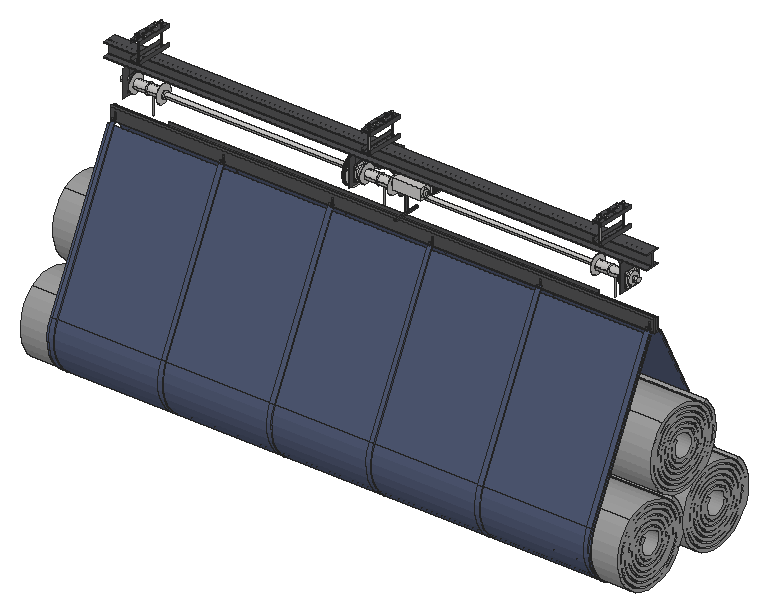
Revit family "Wrestling_Mat_Storage-PSS-4091", category Specialty Equipment, Revit 2017 (continued)
Definition of nested family "Wrestling_Mat_Storage-Hoist-PSS"
  Forms (in)
    Extrusion 16, solid, detail levels medium+fine
      from -6 to 6
    Extrusion 17, solid, detail levels medium+fine
      sketch origin (4.8125, 0, -284.25) x (0, 1, 0) y (0, 0, 1)
        loop
          circle (0, 284.25) r 1
        loop
          circle (0, 284.25) r 1.5
      from 1.375 to 2.375
    Extrusion 18, solid, detail levels medium+fine
      sketch origin (-4.8125, 0, -284.25) x (0, 1, 0) y (0, 0, -1)
        loop
          circle (0, -284.25) r 1
        loop
          circle (0, -284.25) r 1.5
      from 1.375 to 2.375
    Extrusion 19, solid, material <- "Superstructure Finish", detail levels medium+fine
      sketch origin (-2.4375, 0, -6.375) x (0, 1, 0) y (0, 0, -1)
        loop
          line (5, -13.625) -> (5, -1.625) -> (-5, -1.625) -> (-5, -13.625) -> (5, -13.625)
        loop
          circle (2.5625, -8.9375) r 0.25
        loop
          circle (-2.5625, -8.9375) r 0.25
        loop
          circle (2.5625, -3.8125) r 0.25
        loop
          circle (-2.5625, -3.8125) r 0.25
        loop
          circle (0, -6.375) r 1
      from 7.1875 to 7.5625
    Extrusion 20, solid, material <- "Superstructure Finish", detail levels medium+fine
      sketch origin (-1.9375, 1.90625, 0) x (1, 0, 0) y (0, 0, -1)
        loop
          line (-7.6875, -7.25) -> (-3.6875, -7.25) -> (-7.6875, -3.25) -> (-7.6875, -7.25)
      from 0 to 0.25
    Extrusion 21, solid, material <- "Superstructure Finish", detail levels medium+fine
      sketch origin (-1.9375, -1.90625, 0) x (1, 0, 0) y (0, 0, 1)
        loop
          line (-7.6875, 7.25) -> (-7.6875, 3.25) -> (-3.6875, 7.25) -> (-7.6875, 7.25)
      from 0 to 0.25
    Extrusion 22, solid, detail levels medium+fine
      sketch origin (-17.6875, 0, 0) x (0, 1, 0) y (0, 0, -1)
        loop
          arc (2.5625, -3.1875) -> (3.00444, -3.00444) -> (3.1875, -2.5625) r 0.625
          line (3.1875, -2.5625) -> (3.1875, 2.5625)
          arc (3.1875, 2.5625) -> (3.00444, 3.00444) -> (2.5625, 3.1875) r 0.625
          line (2.5625, 3.1875) -> (-2.5625, 3.1875)
          arc (-2.5625, 3.1875) -> (-3.00444, 3.00444) -> (-3.1875, 2.5625) r 0.625
          line (-3.1875, 2.5625) -> (-3.1875, -2.5625)
          arc (-3.1875, -2.5625) -> (-3.00444, -3.00444) -> (-2.5625, -3.1875) r 0.625
          line (-2.5625, -3.1875) -> (2.5625, -3.1875)
        loop
          circle (0, 0) r 1
        loop
          circle (2.5625, -2.5625) r 0.25
        loop
          circle (-2.5625, -2.5625) r 0.25
        loop
          circle (-2.5625, 2.5625) r 0.25
        loop
          circle (2.5625, 2.5625) r 0.25
      from -8.6875 to -8.0625
    Extrusion 23, solid, detail levels medium+fine
      sketch origin (-17.6875, 0, 0) x (0, 1, 0) y (0, 0, -1)
        loop
          arc (2.24472, -1.36083) -> (1.85616, -1.85616) -> (1.36083, -2.24472) r 2.625
          line (1.36083, -2.24472) -> (2.12056, -3.00444)
          arc (2.12056, -3.00444) -> (3.00444, -3.00444) -> (3.00444, -2.12056) r 0.625
          line (3.00444, -2.12056) -> (2.24472, -1.36083)
        loop
          circle (2.5625, -2.5625) r 0.25
        loop
          line (-2.24472, -1.36083) -> (-3.00444, -2.12056)
          arc (-3.00444, -2.12056) -> (-3.00444, -3.00444) -> (-2.12056, -3.00444) r 0.625
          line (-2.12056, -3.00444) -> (-1.36083, -2.24472)
          arc (-1.36083, -2.24472) -> (-1.85616, -1.85616) -> (-2.24472, -1.36083) r 2.625
        loop
          circle (-2.5625, -2.5625) r 0.25
        loop
          line (2.24472, 1.36083) -> (3.00444, 2.12056)
          arc (3.00444, 2.12056) -> (3.00444, 3.00444) -> (2.12056, 3.00444) r 0.625
          line (2.12056, 3.00444) -> (1.36083, 2.24472)
          arc (1.36083, 2.24472) -> (1.85616, 1.85616) -> (2.24472, 1.36083) r 2.625
        loop
          circle (2.5625, 2.5625) r 0.25
        loop
          arc (-2.24472, 1.36083) -> (-1.85616, 1.85616) -> (-1.36083, 2.24472) r 2.625
          line (-1.36083, 2.24472) -> (-2.12056, 3.00444)
          arc (-2.12056, 3.00444) -> (-3.00444, 3.00444) -> (-3.00444, 2.12056) r 0.625
          line (-3.00444, 2.12056) -> (-2.24472, 1.36083)
        loop
          circle (-2.5625, 2.5625) r 0.25
      from -8.875 to -8.6875
    Extrusion 24, solid, detail levels medium+fine
      sketch origin (-17.6875, 0, 0) x (0, 1, 0) y (0, 0, -1)
        loop
          circle (0, 0) r 2.625
        loop
          circle (0, 0) r 1.25
      from -9.8125 to -8.6875
    Extrusion 25, solid, detail levels medium+fine
      sketch origin (-17.6875, 0, 0) x (0, 1, 0) y (0, 0, -1)
        loop
          circle (0, 0) r 1
        loop
          circle (0, 0) r 1.25
      from -10.375 to -8.0625
    Extrusion 26, solid, detail levels fine
      sketch origin (-17.6875, 0, 0) x (0, 1, 0) y (0, 0, -1)
        loop
          line (2.76096, -2.21875) -> (2.36404, -2.21875) -> (2.16557, -2.5625) -> (2.36404, -2.90625) -> (2.76096, -2.90625) -> (2.95943, -2.5625) -> (2.76096, -2.21875)
        loop
          line (-2.76096, -2.21875) -> (-2.95943, -2.5625) -> (-2.76096, -2.90625) -> (-2.36404, -2.90625) -> (-2.16557, -2.5625) -> (-2.36404, -2.21875) -> (-2.76096, -2.21875)
        loop
          line (2.76096, 2.21875) -> (2.95943, 2.5625) -> (2.76096, 2.90625) -> (2.36404, 2.90625) -> (2.16557, 2.5625) -> (2.36404, 2.21875) -> (2.76096, 2.21875)
        loop
          line (-2.76096, 2.21875) -> (-2.36404, 2.21875) -> (-2.16557, 2.5625) -> (-2.36404, 2.90625) -> (-2.76096, 2.90625) -> (-2.95943, 2.5625) -> (-2.76096, 2.21875)
      from -9.3125 to -8.875
    Extrusion 27, solid, detail levels fine
      sketch origin (-1.125, 0, 0) x (0, 1, 0) y (0, 0, 1)
        loop
          line (2.76096, 2.21875) -> (2.95943, 2.5625) -> (2.76096, 2.90625) -> (2.36404, 2.90625) -> (2.16557, 2.5625) -> (2.36404, 2.21875) -> (2.76096, 2.21875)
        loop
          line (-2.76096, 2.21875) -> (-2.36404, 2.21875) -> (-2.16557, 2.5625) -> (-2.36404, 2.90625) -> (-2.76096, 2.90625) -> (-2.95943, 2.5625) -> (-2.76096, 2.21875)
        loop
          line (2.76096, -2.21875) -> (2.36404, -2.21875) -> (2.16557, -2.5625) -> (2.36404, -2.90625) -> (2.76096, -2.90625) -> (2.95943, -2.5625) -> (2.76096, -2.21875)
        loop
          line (-2.76096, -2.21875) -> (-2.95943, -2.5625) -> (-2.76096, -2.90625) -> (-2.36404, -2.90625) -> (-2.16557, -2.5625) -> (-2.36404, -2.21875) -> (-2.76096, -2.21875)
      from -9.3125 to -8.875
    Extrusion 28, solid, detail levels medium+fine
      sketch origin (-0.375, 0, 0) x (0, 1, 0) y (0, 0, 1)
        loop
          arc (6.18466, 0.1875) -> (6.1811, 0.28135) -> (6.17612, 0.37514) r 6.1875
          line (6.17612, 0.37514) -> (5.73397, 0.42902)
          arc (5.73397, 0.42902) -> (5.72622, 0.52237) -> (5.71695, 0.61559) r 5.75
          line (5.71695, 0.61559) -> (6.14205, 0.74858)
          arc (6.14205, 0.74858) -> (6.12998, 0.84172) -> (6.1165, 0.93467) r 6.1875
          line (6.1165, 0.93467) -> (5.67129, 0.94816)
          arc (5.67129, 0.94816) -> (5.65509, 1.04042) -> (5.63739, 1.13241) r 5.75
          line (5.63739, 1.13241) -> (6.04864, 1.30348)
          arc (6.04864, 1.30348) -> (6.02816, 1.39513) -> (6.00629, 1.48647) r 6.1875
          line (6.00629, 1.48647) -> (5.5617, 1.45946)
          arc (5.5617, 1.45946) -> (5.53718, 1.54987) -> (5.5112, 1.63987) r 5.75
          line (5.5112, 1.63987) -> (5.90521, 1.84759)
          arc (5.90521, 1.84759) -> (5.87649, 1.93701) -> (5.84641, 2.02598) r 6.1875
          line (5.84641, 2.02598) -> (5.40611, 1.95869)
          arc (5.40611, 1.95869) -> (5.37348, 2.0465) -> (5.33943, 2.13377) r 5.75
          line (5.33943, 2.13377) -> (5.71295, 2.37642)
          arc (5.71295, 2.37642) -> (5.67622, 2.46286) -> (5.63818, 2.54873) r 6.1875
          line (5.63818, 2.54873) -> (5.20581, 2.44172)
          arc (5.20581, 2.44172) -> (5.16534, 2.52621) -> (5.12351, 2.61002) r 5.75
          line (5.12351, 2.61002) -> (5.47343, 2.8856)
          arc (5.47343, 2.8856) -> (5.429, 2.96835) -> (5.38332, 3.05041) r 6.1875
          line (5.38332, 3.05041) -> (4.96246, 2.90456)
          arc (4.96246, 2.90456) -> (4.91449, 2.98502) -> (4.86521, 3.06468) r 5.75
          line (4.86521, 3.06468) -> (5.18865, 3.37092)
          arc (5.18865, 3.37092) -> (5.13689, 3.44928) -> (5.08394, 3.52685) r 6.1875
          line (5.08394, 3.52685) -> (4.67807, 3.34338)
          arc (4.67807, 3.34338) -> (4.62298, 3.41914) -> (4.56667, 3.494) r 5.75
          line (4.56667, 3.494) -> (4.86095, 3.82835)
          arc (4.86095, 3.82835) -> (4.80229, 3.90169) -> (4.74251, 3.97413) r 6.1875
          line (4.74251, 3.97413) -> (4.35499, 3.75454)
          arc (4.35499, 3.75454) -> (4.29325, 3.82499) -> (4.23037, 3.89442) r 5.75
          line (4.23037, 3.89442) -> (4.49306, 4.25413)
          arc (4.49306, 4.25413) -> (4.42797, 4.32183) -> (4.36186, 4.38854) r 6.1875
          line (4.36186, 4.38854) -> (3.99589, 4.13466)
          arc (3.99589, 4.13466) -> (3.928, 4.1992) -> (3.85908, 4.26263) r 5.75
          line (3.85908, 4.26263) -> (4.088, 4.64472)
          arc (4.088, 4.64472) -> (4.01703, 4.70623) -> (3.94514, 4.76666) r 6.1875
          line (3.94514, 4.76666) -> (3.60374, 4.48057)
          arc (3.60374, 4.48057) -> (3.53027, 4.53869) -> (3.45587, 4.59559) r 5.75
          line (3.45587, 4.59559) -> (3.64914, 4.99689)
          arc (3.64914, 4.99689) -> (3.57287, 5.05171) -> (3.49579, 5.10535) r 6.1875
          line (3.49579, 5.10535) -> (3.18179, 4.78944)
          arc (3.18179, 4.78944) -> (3.10335, 4.84063) -> (3.02408, 4.89055) r 5.75
          line (3.02408, 4.89055) -> (3.18009, 5.30775)
          arc (3.18009, 5.30775) -> (3.09916, 5.3554) -> (3.01752, 5.40183) r 6.1875
          line (3.01752, 5.40183) -> (2.73353, 5.05869)
          arc (2.73353, 5.05869) -> (2.65076, 5.10255) -> (2.56728, 5.14505) r 5.75
          line (2.56728, 5.14505) -> (2.68475, 5.5747)
          arc (2.68475, 5.5747) -> (2.59982, 5.61481) -> (2.5143, 5.65362) r 6.1875
          line (2.5143, 5.65362) -> (2.26266, 5.2861)
          arc (2.26266, 5.2861) -> (2.17624, 5.32226) -> (2.08925, 5.35701) r 5.75
          line (2.08925, 5.35701) -> (2.1672, 5.79555)
          arc (2.1672, 5.79555) -> (2.07898, 5.82778) -> (1.99029, 5.85866) r 6.1875
          line (1.99029, 5.85866) -> (1.77307, 5.4698)
          arc (1.77307, 5.4698) -> (1.68373, 5.49796) -> (1.59394, 5.52466) r 5.75
          line (1.59394, 5.52466) -> (1.63173, 5.96847)
          arc (1.63173, 5.96847) -> (1.54095, 5.99255) -> (1.44981, 6.01525) r 6.1875
          line (1.44981, 6.01525) -> (1.26882, 5.60826)
          arc (1.26882, 5.60826) -> (1.17729, 5.62819) -> (1.08545, 5.64662) r 5.75
          line (1.08545, 5.64662) -> (1.08276, 6.09203)
          arc (1.08276, 6.09203) -> (0.99017, 6.10776) -> (0.89735, 6.12208) r 6.1875
          line (0.89735, 6.12208) -> (0.75408, 5.70034)
          arc (0.75408, 5.70034) -> (0.66112, 5.71187) -> (0.56798, 5.72188) r 5.75
          line (0.56798, 5.72188) -> (0.52484, 6.1652)
          arc (0.52484, 6.1652) -> (0.4312, 6.17246) -> (0.33746, 6.17829) r 6.1875
          line (0.33746, 6.17829) -> (0.2331, 5.74527)
          arc (0.2331, 5.74527) -> (0.13948, 5.74831) -> (0.04582, 5.74982) r 5.75
          line (0.04582, 5.74982) -> (-0.03742, 6.18739)
          arc (-0.03742, 6.18739) -> (-0.13133, 6.18611) -> (-0.22521, 6.1834) r 6.1875
          line (-0.22521, 6.1834) -> (-0.28981, 5.74269)
          arc (-0.28981, 5.74269) -> (-0.38332, 5.73721) -> (-0.47673, 5.7302) r 5.75
          line (-0.47673, 5.7302) -> (-0.59938, 6.1584)
          arc (-0.59938, 6.1584) -> (-0.69278, 6.14859) -> (-0.78603, 6.13737) r 6.1875
          line (-0.78603, 6.13737) -> (-0.81032, 5.69262)
          arc (-0.81032, 5.69262) -> (-0.90294, 5.67866) -> (-0.99533, 5.6632) r 5.75
          line (-0.99533, 5.6632) -> (-1.15637, 6.07848)
          arc (-1.15637, 6.07848) -> (-1.2485, 6.06023) -> (-1.34034, 6.04058) r 6.1875
          line (-1.34034, 6.04058) -> (-1.32412, 5.59546)
          arc (-1.32412, 5.59546) -> (-1.4151, 5.57315) -> (-1.5057, 5.54936) r 5.75
          line (-1.5057, 5.54936) -> (-1.70381, 5.94829)
          arc (-1.70381, 5.94829) -> (-1.79389, 5.92175) -> (-1.88357, 5.89384) r 6.1875
          line (-1.88357, 5.89384) -> (-1.82698, 5.45203)
          arc (-1.82698, 5.45203) -> (-1.91556, 5.42154) -> (-2.00362, 5.38962) r 5.75
          line (-2.00362, 5.38962) -> (-2.23715, 5.76891)
          arc (-2.23715, 5.76891) -> (-2.32445, 5.73429) -> (-2.41122, 5.69835) r 6.1875
          line (-2.41122, 5.69835) -> (-2.31473, 5.26351)
          arc (-2.31473, 5.26351) -> (-2.40017, 5.2251) -> (-2.48497, 5.18531) r 5.75
          line (-2.48497, 5.18531) -> (-2.75199, 5.54182)
          arc (-2.75199, 5.54182) -> (-2.83578, 5.49941) -> (-2.91893, 5.45573) r 6.1875
          line (-2.91893, 5.45573) -> (-2.78333, 5.03146)
          arc (-2.78333, 5.03146) -> (-2.86493, 4.98545) -> (-2.94576, 4.93811) r 5.75
          line (-2.94576, 4.93811) -> (-3.24407, 5.26889)
          arc (-3.24407, 5.26889) -> (-3.32366, 5.21904) -> (-3.4025, 5.168) r 6.1875
          line (-3.4025, 5.168) -> (-3.22892, 4.75779)
          arc (-3.22892, 4.75779) -> (-3.306, 4.70456) -> (-3.3822, 4.65008) r 5.75
          line (-3.3822, 4.65008) -> (-3.70932, 4.95239)
          arc (-3.70932, 4.95239) -> (-3.78406, 4.89552) -> (-3.85793, 4.83752) r 6.1875
          line (-3.85793, 4.83752) -> (-3.6478, 4.44478)
          arc (-3.6478, 4.44478) -> (-3.71972, 4.38477) -> (-3.79066, 4.32359) r 5.75
          line (-3.79066, 4.32359) -> (-4.14389, 4.59493)
          arc (-4.14389, 4.59493) -> (-4.21315, 4.5315) -> (-4.28145, 4.46703) r 6.1875
          line (-4.28145, 4.46703) -> (-4.03651, 4.09501)
          arc (-4.03651, 4.09501) -> (-4.10268, 4.02871) -> (-4.16777, 3.96134) r 5.75
          line (-4.16777, 3.96134) -> (-4.54419, 4.19946)
          arc (-4.54419, 4.19946) -> (-4.60741, 4.13001) -> (-4.66956, 4.0596) r 6.1875
          line (-4.66956, 4.0596) -> (-4.39184, 3.71137)
          arc (-4.39184, 3.71137) -> (-4.45172, 3.63933) -> (-4.51041, 3.56633) r 5.75
          line (-4.51041, 3.56633) -> (-4.90691, 3.76927)
          arc (-4.90691, 3.76927) -> (-4.96355, 3.69436) -> (-5.01906, 3.6186) r 6.1875
          line (-5.01906, 3.6186) -> (-4.71085, 3.29703)
          arc (-4.71085, 3.29703) -> (-4.76393, 3.21985) -> (-4.81575, 3.14182) r 5.75
          line (-4.81575, 3.14182) -> (-5.22905, 3.30791)
          arc (-5.22905, 3.30791) -> (-5.27865, 3.22816) -> (-5.32704, 3.14767) r 6.1875
          line (-5.32704, 3.14767) -> (-4.99089, 2.85543)
          arc (-4.99089, 2.85543) -> (-5.03675, 2.77375) -> (-5.08126, 2.69133) r 5.75
          line (-5.08126, 2.69133) -> (-5.50794, 2.81918)
          arc (-5.50794, 2.81918) -> (-5.55009, 2.73526) -> (-5.59097, 2.6507) r 6.1875
          line (-5.59097, 2.6507) -> (-5.22966, 2.39021)
          arc (-5.22966, 2.39021) -> (-5.26791, 2.3047) -> (-5.30475, 2.21858) r 5.75
          line (-5.30475, 2.21858) -> (-5.74128, 2.30714)
          arc (-5.74128, 2.30714) -> (-5.77563, 2.21973) -> (-5.80866, 2.13182) r 6.1875
          line (-5.80866, 2.13182) -> (-5.42518, 1.90523)
          arc (-5.42518, 1.90523) -> (-5.4555, 1.8166) -> (-5.48437, 1.72748) r 5.75
          line (-5.48437, 1.72748) -> (-5.92713, 1.77602)
          arc (-5.92713, 1.77602) -> (-5.95341, 1.68585) -> (-5.97831, 1.5953) r 6.1875
          line (-5.97831, 1.5953) -> (-5.57583, 1.40449)
          arc (-5.57583, 1.40449) -> (-5.59797, 1.31347) -> (-5.61863, 1.2221) r 5.75
          line (-5.61863, 1.2221) -> (-6.06397, 1.23021)
          arc (-6.06397, 1.23021) -> (-6.08194, 1.13803) -> (-6.09852, 1.04559) r 6.1875
          line (-6.09852, 1.04559) -> (-5.68037, 0.89213)
          arc (-5.68037, 0.89213) -> (-5.69415, 0.79948) -> (-5.70642, 0.70661) r 5.75
          line (-5.70642, 0.70661) -> (-6.15066, 0.67423)
          arc (-6.15066, 0.67423) -> (-6.16018, 0.5808) -> (-6.16829, 0.48723) r 6.1875
          line (-6.16829, 0.48723) -> (-5.73793, 0.37239)
          arc (-5.73793, 0.37239) -> (-5.74323, 0.27887) -> (-5.74701, 0.18527) r 5.75
          line (-5.74701, 0.18527) -> (-6.18647, 0.11267)
          arc (-6.18647, 0.11267) -> (-6.1875, 0) -> (-6.18647, -0.11267) r 6.1875
          line (-6.18647, -0.11267) -> (-5.74701, -0.18527)
          arc (-5.74701, -0.18527) -> (-5.74323, -0.27887) -> (-5.73793, -0.37239) r 5.75
          line (-5.73793, -0.37239) -> (-6.16829, -0.48723)
          arc (-6.16829, -0.48723) -> (-6.16018, -0.5808) -> (-6.15066, -0.67423) r 6.1875
          line (-6.15066, -0.67423) -> (-5.70642, -0.70661)
          arc (-5.70642, -0.70661) -> (-5.69415, -0.79948) -> (-5.68037, -0.89213) r 5.75
          line (-5.68037, -0.89213) -> (-6.09852, -1.04559)
          arc (-6.09852, -1.04559) -> (-6.08194, -1.13803) -> (-6.06397, -1.23021) r 6.1875
          line (-6.06397, -1.23021) -> (-5.61863, -1.2221)
          arc (-5.61863, -1.2221) -> (-5.59797, -1.31347) -> (-5.57583, -1.40449) r 5.75
          line (-5.57583, -1.40449) -> (-5.97831, -1.5953)
          arc (-5.97831, -1.5953) -> (-5.95341, -1.68585) -> (-5.92713, -1.77602) r 6.1875
          line (-5.92713, -1.77602) -> (-5.48437, -1.72748)
          arc (-5.48437, -1.72748) -> (-5.4555, -1.8166) -> (-5.42518, -1.90523) r 5.75
          line (-5.42518, -1.90523) -> (-5.80866, -2.13182)
          arc (-5.80866, -2.13182) -> (-5.77563, -2.21973) -> (-5.74128, -2.30714) r 6.1875
          line (-5.74128, -2.30714) -> (-5.30475, -2.21858)
          arc (-5.30475, -2.21858) -> (-5.26791, -2.3047) -> (-5.22966, -2.39021) r 5.75
          line (-5.22966, -2.39021) -> (-5.59097, -2.6507)
          arc (-5.59097, -2.6507) -> (-5.55009, -2.73526) -> (-5.50794, -2.81918) r 6.1875
          line (-5.50794, -2.81918) -> (-5.08126, -2.69133)
          arc (-5.08126, -2.69133) -> (-5.03675, -2.77375) -> (-4.99089, -2.85543) r 5.75
          line (-4.99089, -2.85543) -> (-5.32704, -3.14767)
          arc (-5.32704, -3.14767) -> (-5.27865, -3.22816) -> (-5.22905, -3.30791) r 6.1875
          line (-5.22905, -3.30791) -> (-4.81575, -3.14182)
          arc (-4.81575, -3.14182) -> (-4.76393, -3.21985) -> (-4.71085, -3.29703) r 5.75
          line (-4.71085, -3.29703) -> (-5.01906, -3.6186)
          arc (-5.01906, -3.6186) -> (-4.96355, -3.69436) -> (-4.90691, -3.76927) r 6.1875
          line (-4.90691, -3.76927) -> (-4.51041, -3.56633)
          arc (-4.51041, -3.56633) -> (-4.45172, -3.63933) -> (-4.39184, -3.71137) r 5.75
          line (-4.39184, -3.71137) -> (-4.66956, -4.0596)
          arc (-4.66956, -4.0596) -> (-4.60741, -4.13001) -> (-4.54419, -4.19946) r 6.1875
          line (-4.54419, -4.19946) -> (-4.16777, -3.96134)
          arc (-4.16777, -3.96134) -> (-4.10268, -4.02871) -> (-4.03651, -4.09501) r 5.75
          line (-4.03651, -4.09501) -> (-4.28145, -4.46703)
          arc (-4.28145, -4.46703) -> (-4.21315, -4.5315) -> (-4.14389, -4.59493) r 6.1875
          line (-4.14389, -4.59493) -> (-3.79066, -4.32359)
          arc (-3.79066, -4.32359) -> (-3.71972, -4.38477) -> (-3.6478, -4.44478) r 5.75
          line (-3.6478, -4.44478) -> (-3.85793, -4.83752)
          arc (-3.85793, -4.83752) -> (-3.78406, -4.89552) -> (-3.70932, -4.95239) r 6.1875
          line (-3.70932, -4.95239) -> (-3.3822, -4.65008)
          arc (-3.3822, -4.65008) -> (-3.306, -4.70456) -> (-3.22892, -4.75779) r 5.75
          line (-3.22892, -4.75779) -> (-3.4025, -5.168)
          arc (-3.4025, -5.168) -> (-3.32366, -5.21904) -> (-3.24407, -5.26889) r 6.1875
          line (-3.24407, -5.26889) -> (-2.94576, -4.93811)
          arc (-2.94576, -4.93811) -> (-2.86493, -4.98545) -> (-2.78333, -5.03146) r 5.75
          line (-2.78333, -5.03146) -> (-2.91893, -5.45573)
          arc (-2.91893, -5.45573) -> (-2.83578, -5.49941) -> (-2.75199, -5.54182) r 6.1875
          line (-2.75199, -5.54182) -> (-2.48497, -5.18531)
          arc (-2.48497, -5.18531) -> (-2.40017, -5.2251) -> (-2.31473, -5.26351) r 5.75
          line (-2.31473, -5.26351) -> (-2.41122, -5.69835)
          arc (-2.41122, -5.69835) -> (-2.32445, -5.73429) -> (-2.23715, -5.76891) r 6.1875
          line (-2.23715, -5.76891) -> (-2.00362, -5.38962)
          arc (-2.00362, -5.38962) -> (-1.91556, -5.42154) -> (-1.82698, -5.45203) r 5.75
          line (-1.82698, -5.45203) -> (-1.88357, -5.89384)
          arc (-1.88357, -5.89384) -> (-1.79389, -5.92175) -> (-1.70381, -5.94829) r 6.1875
          line (-1.70381, -5.94829) -> (-1.5057, -5.54936)
          arc (-1.5057, -5.54936) -> (-1.4151, -5.57315) -> (-1.32412, -5.59546) r 5.75
          line (-1.32412, -5.59546) -> (-1.34034, -6.04058)
          arc (-1.34034, -6.04058) -> (-1.2485, -6.06023) -> (-1.15637, -6.07848) r 6.1875
          line (-1.15637, -6.07848) -> (-0.99533, -5.6632)
          arc (-0.99533, -5.6632) -> (-0.90294, -5.67866) -> (-0.81032, -5.69262) r 5.75
          line (-0.81032, -5.69262) -> (-0.78603, -6.13737)
          arc (-0.78603, -6.13737) -> (-0.69278, -6.14859) -> (-0.59938, -6.1584) r 6.1875
          line (-0.59938, -6.1584) -> (-0.47673, -5.7302)
          arc (-0.47673, -5.7302) -> (-0.38332, -5.73721) -> (-0.28981, -5.74269) r 5.75
          line (-0.28981, -5.74269) -> (-0.22521, -6.1834)
          arc (-0.22521, -6.1834) -> (-0.13133, -6.18611) -> (-0.03742, -6.18739) r 6.1875
          line (-0.03742, -6.18739) -> (0.04582, -5.74982)
          arc (0.04582, -5.74982) -> (0.13948, -5.74831) -> (0.2331, -5.74527) r 5.75
          line (0.2331, -5.74527) -> (0.33746, -6.17829)
          arc (0.33746, -6.17829) -> (0.4312, -6.17246) -> (0.52484, -6.1652) r 6.1875
          line (0.52484, -6.1652) -> (0.56798, -5.72188)
          arc (0.56798, -5.72188) -> (0.66112, -5.71187) -> (0.75408, -5.70034) r 5.75
          line (0.75408, -5.70034) -> (0.89735, -6.12208)
          arc (0.89735, -6.12208) -> (0.99017, -6.10776) -> (1.08276, -6.09203) r 6.1875
          line (1.08276, -6.09203) -> (1.08545, -5.64662)
          arc (1.08545, -5.64662) -> (1.17729, -5.62819) -> (1.26882, -5.60826) r 5.75
          line (1.26882, -5.60826) -> (1.44981, -6.01525)
          arc (1.44981, -6.01525) -> (1.54095, -5.99255) -> (1.63173, -5.96847) r 6.1875
          line (1.63173, -5.96847) -> (1.59394, -5.52466)
          arc (1.59394, -5.52466) -> (1.68373, -5.49796) -> (1.77307, -5.4698) r 5.75
          line (1.77307, -5.4698) -> (1.99029, -5.85866)
          arc (1.99029, -5.85866) -> (2.07898, -5.82778) -> (2.1672, -5.79555) r 6.1875
          line (2.1672, -5.79555) -> (2.08925, -5.35701)
          arc (2.08925, -5.35701) -> (2.17624, -5.32226) -> (2.26266, -5.2861) r 5.75
          line (2.26266, -5.2861) -> (2.5143, -5.65362)
          arc (2.5143, -5.65362) -> (2.59982, -5.61481) -> (2.68475, -5.5747) r 6.1875
          line (2.68475, -5.5747) -> (2.56728, -5.14505)
          arc (2.56728, -5.14505) -> (2.65076, -5.10255) -> (2.73353, -5.05869) r 5.75
          line (2.73353, -5.05869) -> (3.01752, -5.40183)
          arc (3.01752, -5.40183) -> (3.09916, -5.3554) -> (3.18009, -5.30775) r 6.1875
          line (3.18009, -5.30775) -> (3.02408, -4.89055)
          arc (3.02408, -4.89055) -> (3.10335, -4.84063) -> (3.18179, -4.78944) r 5.75
          line (3.18179, -4.78944) -> (3.49579, -5.10535)
          arc (3.49579, -5.10535) -> (3.57287, -5.05171) -> (3.64914, -4.99689) r 6.1875
          line (3.64914, -4.99689) -> (3.45587, -4.59559)
          arc (3.45587, -4.59559) -> (3.53027, -4.53869) -> (3.60374, -4.48057) r 5.75
          line (3.60374, -4.48057) -> (3.94514, -4.76666)
          arc (3.94514, -4.76666) -> (4.01703, -4.70623) -> (4.088, -4.64472) r 6.1875
          line (4.088, -4.64472) -> (3.85908, -4.26263)
          arc (3.85908, -4.26263) -> (3.928, -4.1992) -> (3.99589, -4.13466) r 5.75
          line (3.99589, -4.13466) -> (4.36186, -4.38854)
          arc (4.36186, -4.38854) -> (4.42797, -4.32183) -> (4.49306, -4.25413) r 6.1875
          line (4.49306, -4.25413) -> (4.23037, -3.89442)
          arc (4.23037, -3.89442) -> (4.29325, -3.82499) -> (4.35499, -3.75454) r 5.75
          line (4.35499, -3.75454) -> (4.74251, -3.97413)
          arc (4.74251, -3.97413) -> (4.80229, -3.90169) -> (4.86095, -3.82835) r 6.1875
          line (4.86095, -3.82835) -> (4.56667, -3.494)
          arc (4.56667, -3.494) -> (4.62298, -3.41914) -> (4.67807, -3.34338) r 5.75
          line (4.67807, -3.34338) -> (5.08394, -3.52685)
          arc (5.08394, -3.52685) -> (5.13689, -3.44928) -> (5.18865, -3.37092) r 6.1875
          line (5.18865, -3.37092) -> (4.86521, -3.06468)
          arc (4.86521, -3.06468) -> (4.91449, -2.98502) -> (4.96246, -2.90456) r 5.75
          line (4.96246, -2.90456) -> (5.38332, -3.05041)
          arc (5.38332, -3.05041) -> (5.429, -2.96835) -> (5.47343, -2.8856) r 6.1875
          line (5.47343, -2.8856) -> (5.12351, -2.61002)
          arc (5.12351, -2.61002) -> (5.16534, -2.52621) -> (5.20581, -2.44172) r 5.75
          line (5.20581, -2.44172) -> (5.63818, -2.54873)
          arc (5.63818, -2.54873) -> (5.67622, -2.46286) -> (5.71295, -2.37642) r 6.1875
          line (5.71295, -2.37642) -> (5.33943, -2.13377)
          arc (5.33943, -2.13377) -> (5.37348, -2.0465) -> (5.40611, -1.95869) r 5.75
          line (5.40611, -1.95869) -> (5.84641, -2.02598)
          arc (5.84641, -2.02598) -> (5.87649, -1.93701) -> (5.90521, -1.84759) r 6.1875
          line (5.90521, -1.84759) -> (5.5112, -1.63987)
          arc (5.5112, -1.63987) -> (5.53718, -1.54987) -> (5.5617, -1.45946) r 5.75
          line (5.5617, -1.45946) -> (6.00629, -1.48647)
          arc (6.00629, -1.48647) -> (6.02816, -1.39513) -> (6.04864, -1.30348) r 6.1875
          line (6.04864, -1.30348) -> (5.63739, -1.13241)
          arc (5.63739, -1.13241) -> (5.65509, -1.04042) -> (5.67129, -0.94816) r 5.75
          line (5.67129, -0.94816) -> (6.1165, -0.93467)
          arc (6.1165, -0.93467) -> (6.12998, -0.84172) -> (6.14205, -0.74858) r 6.1875
          line (6.14205, -0.74858) -> (5.71695, -0.61559)
          arc (5.71695, -0.61559) -> (5.72622, -0.52237) -> (5.73397, -0.42902) r 5.75
          line (5.73397, -0.42902) -> (6.17612, -0.37514)
          arc (6.17612, -0.37514) -> (6.1811, -0.28135) -> (6.18466, -0.1875) r 6.1875
          line (6.18466, -0.1875) -> (5.74924, -0.09367)
          arc (5.74924, -0.09367) -> (5.75, 0) -> (5.74924, 0.09367) r 5.75
          line (5.74924, 0.09367) -> (6.18466, 0.1875)
        loop
          circle (0, 0) r 5
      from -11.75 to -10
    Extrusion 29, solid, detail levels medium+fine
      sketch origin (-0.375, 0, 0) x (0, 1, 0) y (0, 0, 1)
        loop
          circle (0, 0) r 2.375
        loop
          arc (0.21651, -2.625) -> (0, -2.5) -> (-0.21651, -2.625) r 0.25
          line (-0.21651, -2.625) -> (-1.21651, -4.35705)
          arc (-1.21651, -4.35705) -> (-1.21651, -4.60705) -> (-1, -4.73205) r 0.25
          arc (-1, -4.73205) -> (0, -4.83851) -> (1, -4.73205) r 4.75
          arc (1, -4.73205) -> (1.21651, -4.60705) -> (1.21651, -4.35705) r 0.25
          line (1.21651, -4.35705) -> (0.21651, -2.625)
        loop
          arc (2.30492, -1.16925) -> (2.08841, -1.29425) -> (2.08841, -1.54425) r 0.25
          line (2.08841, -1.54425) -> (3.08841, -3.2763)
          arc (3.08841, -3.2763) -> (3.30492, -3.4013) -> (3.52143, -3.2763) r 0.25
          arc (3.52143, -3.2763) -> (4.11362, -2.46351) -> (4.52143, -1.54425) r 4.75
          arc (4.52143, -1.54425) -> (4.52143, -1.29425) -> (4.30492, -1.16925) r 0.25
          line (4.30492, -1.16925) -> (2.30492, -1.16925)
        loop
          arc (2.16506, 1.41149) -> (2.16506, 1.16149) -> (2.38157, 1.03649) r 0.25
          line (2.38157, 1.03649) -> (4.38157, 1.03649)
          arc (4.38157, 1.03649) -> (4.59808, 1.16149) -> (4.59808, 1.41149) r 0.25
          arc (4.59808, 1.41149) -> (4.19027, 2.33075) -> (3.59808, 3.14354) r 4.75
          arc (3.59808, 3.14354) -> (3.38157, 3.26854) -> (3.16506, 3.14354) r 0.25
          line (3.16506, 3.14354) -> (2.16506, 1.41149)
        loop
          line (-2.16506, 1.41149) -> (-3.16506, 3.14354)
          arc (-3.16506, 3.14354) -> (-3.38157, 3.26854) -> (-3.59808, 3.14354) r 0.25
          arc (-3.59808, 3.14354) -> (-4.19027, 2.33075) -> (-4.59808, 1.41149) r 4.75
          arc (-4.59808, 1.41149) -> (-4.59808, 1.16149) -> (-4.38157, 1.03649) r 0.25
          line (-4.38157, 1.03649) -> (-2.38157, 1.03649)
          arc (-2.38157, 1.03649) -> (-2.16506, 1.16149) -> (-2.16506, 1.41149) r 0.25
        loop
          line (0.21651, 2.625) -> (1.21651, 4.35705)
          arc (1.21651, 4.35705) -> (1.21651, 4.60705) -> (1, 4.73205) r 0.25
          arc (1, 4.73205) -> (0, 4.83851) -> (-1, 4.73205) r 4.75
          arc (-1, 4.73205) -> (-1.21651, 4.60705) -> (-1.21651, 4.35705) r 0.25
          line (-1.21651, 4.35705) -> (-0.21651, 2.625)
          arc (-0.21651, 2.625) -> (0, 2.5) -> (0.21651, 2.625) r 0.25
        loop
          line (-2.30492, -1.16925) -> (-4.30492, -1.16925)
          arc (-4.30492, -1.16925) -> (-4.52143, -1.29425) -> (-4.52143, -1.54425) r 0.25
          arc (-4.52143, -1.54425) -> (-4.11362, -2.46351) -> (-3.52143, -3.2763) r 4.75
          arc (-3.52143, -3.2763) -> (-3.30492, -3.4013) -> (-3.08841, -3.2763) r 0.25
          line (-3.08841, -3.2763) -> (-2.08841, -1.54425)
          arc (-2.08841, -1.54425) -> (-2.08841, -1.29425) -> (-2.30492, -1.16925) r 0.25
        loop
          circle (0, 0) r 5
      from -11.5 to -10.25
    Extrusion 30, solid, detail levels medium+fine
      sketch origin (0, 0, 0) x (0, 1, 0) y (0, 0, 1)
        loop
          circle (0, 0) r 1
        loop
          circle (0, 0) r 2.375
      from -13.375 to -10.375
    Extrusion 31, solid, detail levels medium+fine
      sketch origin (-0.375, 7.625, 3) x (0, 1, 0) y (0, 0, 1)
        loop
          circle (0, 0) r 0.75
        loop
          arc (-2.20308, -0.88717) -> (-2.18582, -0.92889) -> (-2.16776, -0.97027) r 2.375
          line (-2.16776, -0.97027) -> (-1.78043, -0.91108)
          arc (-1.78043, -0.91108) -> (-1.71503, -1.02893) -> (-1.64183, -1.1421) r 2
          line (-1.64183, -1.1421) -> (-1.89839, -1.42714)
          arc (-1.89839, -1.42714) -> (-1.87092, -1.46297) -> (-1.84278, -1.49827) r 2.375
          line (-1.84278, -1.49827) -> (-1.48396, -1.34084)
          arc (-1.48396, -1.34084) -> (-1.39028, -1.43775) -> (-1.29029, -1.52812) r 2
          line (-1.29029, -1.52812) -> (-1.46433, -1.86985)
          arc (-1.46433, -1.86985) -> (-1.42853, -1.89735) -> (-1.39221, -1.92416) r 2.375
          line (-1.39221, -1.92416) -> (-1.08636, -1.67923)
          arc (-1.08636, -1.67923) -> (-0.97079, -1.74859) -> (-0.85082, -1.81) r 2
          line (-0.85082, -1.81) -> (-0.93048, -2.18514)
          arc (-0.93048, -2.18514) -> (-0.88878, -2.20243) -> (-0.84676, -2.21892) r 2.375
          line (-0.84676, -2.21892) -> (-0.61473, -1.90318)
          arc (-0.61473, -1.90318) -> (-0.48515, -1.94027) -> (-0.35336, -1.96854) r 2
          line (-0.35336, -1.96854) -> (-0.33322, -2.35151)
          arc (-0.33322, -2.35151) -> (-0.28847, -2.35742) -> (-0.24361, -2.36247) r 2.375
          line (-0.24361, -2.36247) -> (-0.1012, -1.99744)
          arc (-0.1012, -1.99744) -> (0.03356, -1.99972) -> (0.16817, -1.99292) r 2
          line (0.16817, -1.99292) -> (0.28675, -2.35763)
          arc (0.28675, -2.35763) -> (0.33151, -2.35175) -> (0.37615, -2.34502) r 2.375
          line (0.37615, -2.34502) -> (0.41922, -1.95557)
          arc (0.41922, -1.95557) -> (0.54998, -1.92289) -> (0.67825, -1.88148) r 2
          line (0.67825, -1.88148) -> (0.88717, -2.20308)
          arc (0.88717, -2.20308) -> (0.92889, -2.18582) -> (0.97027, -2.16776) r 2.375
          line (0.97027, -2.16776) -> (0.91108, -1.78043)
          arc (0.91108, -1.78043) -> (1.02893, -1.71503) -> (1.1421, -1.64183) r 2
          line (1.1421, -1.64183) -> (1.42714, -1.89839)
          arc (1.42714, -1.89839) -> (1.46297, -1.87092) -> (1.49827, -1.84278) r 2.375
          line (1.49827, -1.84278) -> (1.34084, -1.48396)
          arc (1.34084, -1.48396) -> (1.43775, -1.39028) -> (1.52812, -1.29029) r 2
          line (1.52812, -1.29029) -> (1.86985, -1.46433)
          arc (1.86985, -1.46433) -> (1.89735, -1.42853) -> (1.92416, -1.39221) r 2.375
          line (1.92416, -1.39221) -> (1.67923, -1.08636)
          arc (1.67923, -1.08636) -> (1.74859, -0.97079) -> (1.81, -0.85082) r 2
          line (1.81, -0.85082) -> (2.18514, -0.93048)
          arc (2.18514, -0.93048) -> (2.20243, -0.88878) -> (2.21892, -0.84676) r 2.375
          line (2.21892, -0.84676) -> (1.90318, -0.61473)
          arc (1.90318, -0.61473) -> (1.94027, -0.48515) -> (1.96854, -0.35336) r 2
          line (1.96854, -0.35336) -> (2.35151, -0.33322)
          arc (2.35151, -0.33322) -> (2.35742, -0.28847) -> (2.36247, -0.24361) r 2.375
          line (2.36247, -0.24361) -> (1.99744, -0.1012)
          arc (1.99744, -0.1012) -> (1.99972, 0.03356) -> (1.99292, 0.16817) r 2
          line (1.99292, 0.16817) -> (2.35763, 0.28675)
          arc (2.35763, 0.28675) -> (2.35175, 0.33151) -> (2.34502, 0.37615) r 2.375
          line (2.34502, 0.37615) -> (1.95557, 0.41922)
          arc (1.95557, 0.41922) -> (1.92289, 0.54998) -> (1.88148, 0.67825) r 2
          line (1.88148, 0.67825) -> (2.20308, 0.88717)
          arc (2.20308, 0.88717) -> (2.18582, 0.92889) -> (2.16776, 0.97027) r 2.375
          line (2.16776, 0.97027) -> (1.78043, 0.91108)
          arc (1.78043, 0.91108) -> (1.71503, 1.02893) -> (1.64183, 1.1421) r 2
          line (1.64183, 1.1421) -> (1.89839, 1.42714)
          arc (1.89839, 1.42714) -> (1.87092, 1.46297) -> (1.84278, 1.49827) r 2.375
          line (1.84278, 1.49827) -> (1.48396, 1.34084)
          arc (1.48396, 1.34084) -> (1.39028, 1.43775) -> (1.29029, 1.52812) r 2
          line (1.29029, 1.52812) -> (1.46433, 1.86985)
          arc (1.46433, 1.86985) -> (1.42853, 1.89735) -> (1.39221, 1.92416) r 2.375
          line (1.39221, 1.92416) -> (1.08636, 1.67923)
          arc (1.08636, 1.67923) -> (0.97079, 1.74859) -> (0.85082, 1.81) r 2
          line (0.85082, 1.81) -> (0.93048, 2.18514)
          arc (0.93048, 2.18514) -> (0.88878, 2.20243) -> (0.84676, 2.21892) r 2.375
          line (0.84676, 2.21892) -> (0.61473, 1.90318)
          arc (0.61473, 1.90318) -> (0.48515, 1.94027) -> (0.35336, 1.96854) r 2
          line (0.35336, 1.96854) -> (0.33322, 2.35151)
          arc (0.33322, 2.35151) -> (0.28847, 2.35742) -> (0.24361, 2.36247) r 2.375
          line (0.24361, 2.36247) -> (0.1012, 1.99744)
          arc (0.1012, 1.99744) -> (-0.03356, 1.99972) -> (-0.16817, 1.99292) r 2
          line (-0.16817, 1.99292) -> (-0.28675, 2.35763)
          arc (-0.28675, 2.35763) -> (-0.33151, 2.35175) -> (-0.37615, 2.34502) r 2.375
          line (-0.37615, 2.34502) -> (-0.41922, 1.95557)
          arc (-0.41922, 1.95557) -> (-0.54998, 1.92289) -> (-0.67825, 1.88148) r 2
          line (-0.67825, 1.88148) -> (-0.88717, 2.20308)
          arc (-0.88717, 2.20308) -> (-0.92889, 2.18582) -> (-0.97027, 2.16776) r 2.375
          line (-0.97027, 2.16776) -> (-0.91108, 1.78043)
          arc (-0.91108, 1.78043) -> (-1.02893, 1.71503) -> (-1.1421, 1.64183) r 2
          line (-1.1421, 1.64183) -> (-1.42714, 1.89839)
          arc (-1.42714, 1.89839) -> (-1.46297, 1.87092) -> (-1.49827, 1.84278) r 2.375
          line (-1.49827, 1.84278) -> (-1.34084, 1.48396)
          arc (-1.34084, 1.48396) -> (-1.43775, 1.39028) -> (-1.52812, 1.29029) r 2
          line (-1.52812, 1.29029) -> (-1.86985, 1.46433)
          arc (-1.86985, 1.46433) -> (-1.89735, 1.42853) -> (-1.92416, 1.39221) r 2.375
          line (-1.92416, 1.39221) -> (-1.67923, 1.08636)
          arc (-1.67923, 1.08636) -> (-1.74859, 0.97079) -> (-1.81, 0.85082) r 2
          line (-1.81, 0.85082) -> (-2.18514, 0.93048)
          arc (-2.18514, 0.93048) -> (-2.20243, 0.88878) -> (-2.21892, 0.84676) r 2.375
          line (-2.21892, 0.84676) -> (-1.90318, 0.61473)
          arc (-1.90318, 0.61473) -> (-1.94027, 0.48515) -> (-1.96854, 0.35336) r 2
          line (-1.96854, 0.35336) -> (-2.35151, 0.33322)
          arc (-2.35151, 0.33322) -> (-2.35742, 0.28847) -> (-2.36247, 0.24361) r 2.375
          line (-2.36247, 0.24361) -> (-1.99744, 0.1012)
          arc (-1.99744, 0.1012) -> (-1.99972, -0.03356) -> (-1.99292, -0.16817) r 2
          line (-1.99292, -0.16817) -> (-2.35763, -0.28675)
          arc (-2.35763, -0.28675) -> (-2.35175, -0.33151) -> (-2.34502, -0.37615) r 2.375
          line (-2.34502, -0.37615) -> (-1.95557, -0.41922)
          arc (-1.95557, -0.41922) -> (-1.92289, -0.54998) -> (-1.88148, -0.67825) r 2
          line (-1.88148, -0.67825) -> (-2.20308, -0.88717)
      from -11.75 to -10
    Extrusion 32, solid, detail levels medium+fine
      sketch origin (0, 0, 0) x (0, 1, 0) y (0, 0, 1)
        loop
          circle (7.625, 3) r 3.3125
      from 6.0625 to 12.6875
    Extrusion 33, solid, detail levels medium+fine
      sketch origin (0, 0, 0) x (0, 1, 0) y (0, 0, 1)
        loop
          circle (7.625, 3) r 1.75
        loop
          circle (7.625, 3) r 0.75
      from -10.375 to -9.625
    Extrusion 34, solid, detail levels medium+fine
      sketch origin (-8.125, 0, 0) x (0, 1, 0) y (0, 0, 1)
        loop
          circle (7.625, 3) r 1.375
      from -0.5 to -0.25
    Extrusion 35, solid, detail levels medium+fine
      sketch origin (-8.625, 0, 0) x (0, 1, 0) y (0, 0, 1)
        loop
          circle (7.625, 3) r 1.25
      from -0.25 to 0
    Extrusion 36, solid, detail levels medium+fine
      sketch origin (-8.875, 0, 0) x (0, 1, 0) y (0, 0, 1)
        loop
          circle (7.625, 3) r 0.625
        loop
          circle (7.625, 3) r 0.25
      from -2.5 to 0
    Extrusion 37, solid, detail levels medium+fine
      sketch origin (-8.375, -2.53613, -4.92891) x (0, 1, 0) y (0, 0, 1)
        loop
          line (10.50661, 9.74141) -> (10.02275, 9.74141)
          arc (10.02275, 9.74141) -> (9.51023, 9.26709) -> (8.82902, 9.42071) r 0.75
          arc (8.82902, 9.42071) -> (8.55596, 9.12198) -> (8.34863, 8.77439) r 2
          line (8.34863, 8.77439) -> (8.34863, 7.08342)
          arc (8.34863, 7.08342) -> (8.74691, 6.51469) -> (9.31564, 6.11641) r 2
          line (9.31564, 6.11641) -> (11.00661, 6.11641)
          arc (11.00661, 6.11641) -> (11.57534, 6.51469) -> (11.97363, 7.08342) r 2
          line (11.97363, 7.08342) -> (11.97363, 8.77439)
          arc (11.97363, 8.77439) -> (11.74103, 9.15525) -> (11.42976, 9.47505) r 2
          arc (11.42976, 9.47505) -> (10.868, 9.261) -> (10.50661, 9.74141) r 0.5
      from 0 to 1.25
    Extrusion 38, solid, detail levels medium+fine
      sketch origin (-7.5, 0, 0) x (0, 1, 0) y (0, 0, 1)
        loop
          circle (8.47048, 4.8125) r 0.5
        loop
          arc (6.21067, 5.55129) -> (7.29927, 4.5218) -> (6.31357, 5.6502) r 0.75
          line (6.31357, 5.6502) -> (6, 6.82047) -> (6, 6.625) -> (5.92297, 6.625) -> (6.21067, 5.55129)
      from -0.25 to 0.375
    Extrusion 39, solid, detail levels medium+fine
      sketch origin (1.375, 0, 0) x (0, 1, 0) y (0, 0, 1)
        loop
          line (10.375, 6.625) -> (4.875, 6.625) -> (4.875, 1.72855)
          arc (4.875, 1.72855) -> (4.89403, 1.63288) -> (4.94822, 1.55178) r 0.25
          line (4.94822, 1.55178) -> (5.30178, 1.19822)
          arc (5.30178, 1.19822) -> (5.35597, 1.11712) -> (5.375, 1.02145) r 0.25
          line (5.375, 1.02145) -> (5.375, 0.125)
          arc (5.375, 0.125) -> (5.44822, -0.05178) -> (5.625, -0.125) r 0.25
          line (5.625, -0.125) -> (9.625, -0.125)
          arc (9.625, -0.125) -> (9.80178, -0.05178) -> (9.875, 0.125) r 0.25
          line (9.875, 0.125) -> (9.875, 1.02145)
          arc (9.875, 1.02145) -> (9.89403, 1.11712) -> (9.94822, 1.19822) r 0.25
          line (9.94822, 1.19822) -> (10.30178, 1.55178)
          arc (10.30178, 1.55178) -> (10.35597, 1.63288) -> (10.375, 1.72855) r 0.25
          line (10.375, 1.72855) -> (10.375, 6.625)
      from -8.5 to -7
    Extrusion 40, solid, detail levels medium+fine
      sketch origin (2.875, 0, 0) x (0, 1, 0) y (0, 0, 1)
        loop
          line (10.875, 6.625) -> (4.375, 6.625) -> (4.375, 2.22855)
          arc (4.375, 2.22855) -> (4.39403, 2.13288) -> (4.44822, 2.05178) r 0.25
          line (4.44822, 2.05178) -> (5.30178, 1.19822)
          arc (5.30178, 1.19822) -> (5.35597, 1.11712) -> (5.375, 1.02145) r 0.25
          line (5.375, 1.02145) -> (5.375, 0.125)
          arc (5.375, 0.125) -> (5.44822, -0.05178) -> (5.625, -0.125) r 0.25
          line (5.625, -0.125) -> (9.625, -0.125)
          arc (9.625, -0.125) -> (9.80178, -0.05178) -> (9.875, 0.125) r 0.25
          line (9.875, 0.125) -> (9.875, 1.02145)
          arc (9.875, 1.02145) -> (9.89403, 1.11712) -> (9.94822, 1.19822) r 0.25
          line (9.94822, 1.19822) -> (10.80178, 2.05178)
          arc (10.80178, 2.05178) -> (10.85597, 2.13288) -> (10.875, 2.22855) r 0.25
          line (10.875, 2.22855) -> (10.875, 6.625)
      from -8.5 to -7.25
    Extrusion 41, solid, detail levels medium+fine
      sketch origin (-5.96253, -11.33823, 6.625) x (0, -1, 0) y (1, 0, 0)
        loop
          line (-22.21323, -2.22497) -> (-21.96323, -2.47497) -> (-20.83823, -2.47497) -> (-20.58823, -2.22497) -> (-20.58823, -1.16247) -> (-17.33823, -1.16247) -> (-17.33823, -2.22497) -> (-17.08823, -2.47497) -> (-15.96323, -2.47497) -> (-15.71323, -2.22497) -> (-15.71323, 4.90003) -> (-15.96323, 5.15003) -> (-17.08823, 5.15003) -> (-17.33823, 4.90003) -> (-17.33823, 3.02503) -> (-20.58823, 3.02503) -> (-20.58823, 4.90003) -> (-20.83823, 5.15003) -> (-21.96323, 5.15003) -> (-22.21323, 4.90003) -> (-22.21323, -2.22497)
        loop
          circle (-21.40073, -1.91247) r 0.25
        loop
          circle (-21.40073, 4.58753) r 0.25
        loop
          circle (-16.52573, -1.91247) r 0.25
        loop
          circle (-16.52573, 4.58753) r 0.25
      from 0 to 0.625
    Extrusion 42, solid, detail levels medium+fine
      sketch origin (1, 0, 0) x (1, 0, 0) y (0, 0, 1)
        loop
          line (-4.125, 6.625) -> (-4.125, 5.875) -> (-3.375, 6.625) -> (-4.125, 6.625)
      from -10.875 to -10.625
    Extrusion 43, solid, detail levels medium+fine
      sketch origin (1, 20.125, 0) x (1, 0, 0) y (0, 0, -1)
        loop
          line (-4.125, -6.625) -> (-3.375, -6.625) -> (-4.125, -5.875) -> (-4.125, -6.625)
      from -10.875 to -10.625
    Extrusion 44, solid, detail levels medium+fine
      sketch origin (1, 15.25, 0) x (1, 0, 0) y (0, 0, -1)
        loop
          line (-4.125, -6.625) -> (-3.375, -6.625) -> (-4.125, -5.875) -> (-4.125, -6.625)
      from -10.875 to -10.625
    Extrusion 45, solid, detail levels medium+fine
      sketch origin (1, -4.875, 0) x (1, 0, 0) y (0, 0, 1)
        loop
          line (-4.125, 6.625) -> (-4.125, 5.875) -> (-3.375, 6.625) -> (-4.125, 6.625)
      from -10.875 to -10.625
    Extrusion 46, solid, detail levels medium+fine
      sketch origin (4.125, 0, 0) x (0, 1, 0) y (0, 0, 1)
        loop
          line (10.875, 6.625) -> (4.375, 6.625) -> (4.375, 2.22855)
          arc (4.375, 2.22855) -> (4.39403, 2.13288) -> (4.44822, 2.05178) r 0.25
          line (4.44822, 2.05178) -> (6.05178, 0.44822)
          arc (6.05178, 0.44822) -> (6.13288, 0.39403) -> (6.22855, 0.375) r 0.25
          line (6.22855, 0.375) -> (9.02145, 0.375)
          arc (9.02145, 0.375) -> (9.11712, 0.39403) -> (9.19822, 0.44822) r 0.25
          line (9.19822, 0.44822) -> (10.80178, 2.05178)
          arc (10.80178, 2.05178) -> (10.85597, 2.13288) -> (10.875, 2.22855) r 0.25
          line (10.875, 2.22855) -> (10.875, 6.625)
      from -8.5 to -7.25
    Extrusion 47, solid, detail levels medium+fine
      sketch origin (1.125, 0, 0) x (0, 1, 0) y (0, 0, 1)
        loop
          arc (8.625, 5.42706) -> (7.625, 5.625) -> (6.625, 5.42706) r 2.625
          line (6.625, 5.42706) -> (6.625, 4.58607)
          arc (6.625, 4.58607) -> (6.29917, 4.32583) -> (6.03893, 4) r 1.875
          line (6.03893, 4) -> (5.19794, 4)
          arc (5.19794, 4) -> (7.625, 0.375) -> (10.05206, 4) r 2.625
          line (10.05206, 4) -> (9.21107, 4)
          arc (9.21107, 4) -> (8.95083, 4.32583) -> (8.625, 4.58607) r 1.875
          line (8.625, 4.58607) -> (8.625, 5.42706)
        loop
          circle (7.625, 5.125) r 0.125
        loop
          circle (7.625, 0.875) r 0.125
        loop
          circle (5.5, 3) r 0.125
        loop
          circle (9.75, 3) r 0.125
      from -4.25 to -3.75
    Extrusion 48, solid, detail levels medium+fine
      sketch origin (4.125, 0, 0) x (0, 1, 0) y (0, 0, 1)
        loop
          circle (7.625, 3) r 2.625
      from -4.8125 to 1.9375
    Extrusion 49, solid, detail levels medium+fine
      sketch origin (3.375, 0, 0) x (0, 1, 0) y (0, 0, 1)
        loop
          circle (7.625, 3) r 1.625
      from -6 to -4.8125
    Blend 50, solid, detail levels medium+fine
      base sketch origin (0, 0, 0) x (0, 1, 0) y (0, 0, 1)
        loop
          circle (7.625, 3) r 2.625
      top sketch origin (0, 0, 0) x (0, 1, 0) y (0, 0, 1)
        loop
          circle (7.625, 3) r 1.625
      from -0.6875 to -1.4375
    Extrusion 51, solid, detail levels medium+fine
      sketch origin (2, 0, 20.5625) x (1, 0, 0) y (0, 1, 0)
        loop
          line (-0.6875, 9.3125) -> (-0.6875, 5.9375) -> (2.6875, 5.9375) -> (2.6875, 9.3125) -> (-0.6875, 9.3125)
      from -20.87486 to -18.87486
    Extrusion 52, solid, detail levels medium+fine
      sketch origin (2, 0, 19.6875) x (1, 0, 0) y (0, 1, 0)
        loop
          line (0, 9.125) -> (-0.5, 8.625) -> (-0.5, 6.625) -> (0, 6.125) -> (2, 6.125) -> (2.5, 6.625) -> (2.5, 8.625) -> (2, 9.125) -> (0, 9.125)
      from -20.87486 to -19.99986
    Extrusion 53, solid, detail levels fine
      sketch origin (-0.75, 0, 0) x (0, 1, 0) y (0, 0, 1)
        loop
          line (7.6875, 5.62426) -> (7.6875, 6.31191)
          arc (7.6875, 6.31191) -> (7.625, 6.3125) -> (7.5625, 6.31191) r 3.3125
          line (7.5625, 6.31191) -> (7.5625, 5.62426)
          arc (7.5625, 5.62426) -> (7.625, 5.625) -> (7.6875, 5.62426) r 2.625
        loop
          arc (6.82818, 6.21524) -> (6.76766, 6.19963) -> (6.70744, 6.18288) r 3.3125
          line (6.70744, 6.18288) -> (6.88542, 5.51866)
          arc (6.88542, 5.51866) -> (6.9456, 5.53556) -> (7.00616, 5.55101) r 2.625
          line (7.00616, 5.55101) -> (6.82818, 6.21524)
        loop
          arc (8.24384, 5.55101) -> (8.3044, 5.53556) -> (8.36458, 5.51866) r 2.625
          line (8.36458, 5.51866) -> (8.54256, 6.18288)
          arc (8.54256, 6.18288) -> (8.48234, 6.19963) -> (8.42182, 6.21524) r 3.3125
          line (8.42182, 6.21524) -> (8.24384, 5.55101)
        loop
          arc (8.883, 5.30392) -> (8.9375, 5.27332) -> (8.99125, 5.24142) r 2.625
          line (8.99125, 5.24142) -> (9.33508, 5.83695)
          arc (9.33508, 5.83695) -> (9.28125, 5.86871) -> (9.22683, 5.89945) r 3.3125
          line (9.22683, 5.89945) -> (8.883, 5.30392)
        loop
          arc (6.02317, 5.89945) -> (5.96875, 5.86871) -> (5.91492, 5.83695) r 3.3125
          line (5.91492, 5.83695) -> (6.25875, 5.24142)
          arc (6.25875, 5.24142) -> (6.3125, 5.27332) -> (6.367, 5.30392) r 2.625
          line (6.367, 5.30392) -> (6.02317, 5.89945)
        loop
          arc (5.32732, 5.38607) -> (5.28271, 5.34229) -> (5.23893, 5.29768) r 3.3125
          line (5.23893, 5.29768) -> (5.72518, 4.81143)
          arc (5.72518, 4.81143) -> (5.76884, 4.85616) -> (5.81357, 4.89982) r 2.625
          line (5.81357, 4.89982) -> (5.32732, 5.38607)
        loop
          arc (4.78805, 4.71008) -> (4.75629, 4.65625) -> (4.72555, 4.60183) r 3.3125
          line (4.72555, 4.60183) -> (5.32108, 4.258)
          arc (5.32108, 4.258) -> (5.35168, 4.3125) -> (5.38358, 4.36625) r 2.625
          line (5.38358, 4.36625) -> (4.78805, 4.71008)
        loop
          arc (4.44212, 3.91756) -> (4.42537, 3.85734) -> (4.40976, 3.79682) r 3.3125
          line (4.40976, 3.79682) -> (5.07399, 3.61884)
          arc (5.07399, 3.61884) -> (5.08944, 3.6794) -> (5.10634, 3.73958) r 2.625
          line (5.10634, 3.73958) -> (4.44212, 3.91756)
        loop
          arc (4.31309, 3.0625) -> (4.3125, 3) -> (4.31309, 2.9375) r 3.3125
          line (4.31309, 2.9375) -> (5.00074, 2.9375)
          arc (5.00074, 2.9375) -> (5, 3) -> (5.00074, 3.0625) r 2.625
          line (5.00074, 3.0625) -> (4.31309, 3.0625)
        loop
          arc (4.40976, 2.20318) -> (4.42537, 2.14266) -> (4.44212, 2.08244) r 3.3125
          line (4.44212, 2.08244) -> (5.10634, 2.26042)
          arc (5.10634, 2.26042) -> (5.08944, 2.3206) -> (5.07399, 2.38116) r 2.625
          line (5.07399, 2.38116) -> (4.40976, 2.20318)
        loop
          arc (4.72555, 1.39817) -> (4.75629, 1.34375) -> (4.78805, 1.28992) r 3.3125
          line (4.78805, 1.28992) -> (5.38358, 1.63375)
          arc (5.38358, 1.63375) -> (5.35168, 1.6875) -> (5.32108, 1.742) r 2.625
          line (5.32108, 1.742) -> (4.72555, 1.39817)
        loop
          arc (5.23893, 0.70232) -> (5.28271, 0.65771) -> (5.32732, 0.61393) r 3.3125
          line (5.32732, 0.61393) -> (5.81357, 1.10018)
          arc (5.81357, 1.10018) -> (5.76884, 1.14384) -> (5.72518, 1.18857) r 2.625
          line (5.72518, 1.18857) -> (5.23893, 0.70232)
        loop
          arc (5.91492, 0.16305) -> (5.96875, 0.13129) -> (6.02317, 0.10055) r 3.3125
          line (6.02317, 0.10055) -> (6.367, 0.69608)
          arc (6.367, 0.69608) -> (6.3125, 0.72668) -> (6.25875, 0.75858) r 2.625
          line (6.25875, 0.75858) -> (5.91492, 0.16305)
        loop
          arc (6.70744, -0.18288) -> (6.76766, -0.19963) -> (6.82818, -0.21524) r 3.3125
          line (6.82818, -0.21524) -> (7.00616, 0.44899)
          arc (7.00616, 0.44899) -> (6.9456, 0.46444) -> (6.88542, 0.48134) r 2.625
          line (6.88542, 0.48134) -> (6.70744, -0.18288)
        loop
          arc (7.5625, -0.31191) -> (7.625, -0.3125) -> (7.6875, -0.31191) r 3.3125
          line (7.6875, -0.31191) -> (7.6875, 0.37574)
          arc (7.6875, 0.37574) -> (7.625, 0.375) -> (7.5625, 0.37574) r 2.625
          line (7.5625, 0.37574) -> (7.5625, -0.31191)
        loop
          arc (8.42182, -0.21524) -> (8.48234, -0.19963) -> (8.54256, -0.18288) r 3.3125
          line (8.54256, -0.18288) -> (8.36458, 0.48134)
          arc (8.36458, 0.48134) -> (8.3044, 0.46444) -> (8.24384, 0.44899) r 2.625
          line (8.24384, 0.44899) -> (8.42182, -0.21524)
        loop
          arc (9.22683, 0.10055) -> (9.28125, 0.13129) -> (9.33508, 0.16305) r 3.3125
          line (9.33508, 0.16305) -> (8.99125, 0.75858)
          arc (8.99125, 0.75858) -> (8.9375, 0.72668) -> (8.883, 0.69608) r 2.625
          line (8.883, 0.69608) -> (9.22683, 0.10055)
        loop
          arc (9.92268, 0.61393) -> (9.96729, 0.65771) -> (10.01107, 0.70232) r 3.3125
          line (10.01107, 0.70232) -> (9.52482, 1.18857)
          arc (9.52482, 1.18857) -> (9.48116, 1.14384) -> (9.43643, 1.10018) r 2.625
          line (9.43643, 1.10018) -> (9.92268, 0.61393)
        loop
          arc (10.46195, 1.28992) -> (10.49371, 1.34375) -> (10.52445, 1.39817) r 3.3125
          line (10.52445, 1.39817) -> (9.92892, 1.742)
          arc (9.92892, 1.742) -> (9.89832, 1.6875) -> (9.86642, 1.63375) r 2.625
          line (9.86642, 1.63375) -> (10.46195, 1.28992)
        loop
          arc (10.80788, 2.08244) -> (10.82463, 2.14266) -> (10.84024, 2.20318) r 3.3125
          line (10.84024, 2.20318) -> (10.17601, 2.38116)
          arc (10.17601, 2.38116) -> (10.16056, 2.3206) -> (10.14366, 2.26042) r 2.625
          line (10.14366, 2.26042) -> (10.80788, 2.08244)
        loop
          arc (10.93691, 2.9375) -> (10.9375, 3) -> (10.93691, 3.0625) r 3.3125
          line (10.93691, 3.0625) -> (10.24926, 3.0625)
          arc (10.24926, 3.0625) -> (10.25, 3) -> (10.24926, 2.9375) r 2.625
          line (10.24926, 2.9375) -> (10.93691, 2.9375)
        loop
          arc (10.84024, 3.79682) -> (10.82463, 3.85734) -> (10.80788, 3.91756) r 3.3125
          line (10.80788, 3.91756) -> (10.14366, 3.73958)
          arc (10.14366, 3.73958) -> (10.16056, 3.6794) -> (10.17601, 3.61884) r 2.625
          line (10.17601, 3.61884) -> (10.84024, 3.79682)
        loop
          arc (10.52445, 4.60183) -> (10.49371, 4.65625) -> (10.46195, 4.71008) r 3.3125
          line (10.46195, 4.71008) -> (9.86642, 4.36625)
          arc (9.86642, 4.36625) -> (9.89832, 4.3125) -> (9.92892, 4.258) r 2.625
          line (9.92892, 4.258) -> (10.52445, 4.60183)
        loop
          arc (10.01107, 5.29768) -> (9.96729, 5.34229) -> (9.92268, 5.38607) r 3.3125
          line (9.92268, 5.38607) -> (9.43643, 4.89982)
          arc (9.43643, 4.89982) -> (9.48116, 4.85616) -> (9.52482, 4.81143) r 2.625
          line (9.52482, 4.81143) -> (10.01107, 5.29768)
      from 1.3125 to 6.8125
    Extrusion 54, solid, detail levels medium+fine
      sketch origin (-10.27675, -2.69645, 2.25) x (1, 0, 0) y (0, 1, 0)
        loop
          arc (20.96425, 6.00895) -> (20.87586, 5.97234) -> (20.83925, 5.88395) r 0.125
          line (20.83925, 5.88395) -> (20.83925, -3.86605)
          arc (20.83925, -3.86605) -> (20.87586, -3.95443) -> (20.96425, -3.99105) r 0.125
          line (20.96425, -3.99105) -> (33.21425, -3.99105)
          arc (33.21425, -3.99105) -> (33.30263, -3.95443) -> (33.33925, -3.86605) r 0.125
          line (33.33925, -3.86605) -> (33.33925, 5.88395)
          arc (33.33925, 5.88395) -> (33.30263, 5.97234) -> (33.21425, 6.00895) r 0.125
          line (33.21425, 6.00895) -> (20.96425, 6.00895)
      from 0 to 5
    Extrusion 55, solid, detail levels medium+fine
      sketch origin (23.0625, 31.64778, -3.17969) x (0, 1, 0) y (0, 0, 1)
        loop
          arc (-33.08528, 9.92969) -> (-33.26205, 9.85646) -> (-33.33528, 9.67969) r 0.25
          line (-33.33528, 9.67969) -> (-33.33528, 6.17969)
          arc (-33.33528, 6.17969) -> (-33.26205, 6.00291) -> (-33.08528, 5.92969) r 0.25
          line (-33.08528, 5.92969) -> (-29.58528, 5.92969)
          arc (-29.58528, 5.92969) -> (-29.4085, 6.00291) -> (-29.33528, 6.17969) r 0.25
          line (-29.33528, 6.17969) -> (-29.33528, 9.67969)
          arc (-29.33528, 9.67969) -> (-29.4085, 9.85646) -> (-29.58528, 9.92969) r 0.25
          line (-29.58528, 9.92969) -> (-33.08528, 9.92969)
        loop
          line (-32.96028, 9.55469) -> (-32.96028, 6.30469) -> (-29.71028, 6.30469) -> (-29.71028, 9.55469) -> (-32.96028, 9.55469)
        loop
          circle (-29.58528, 9.67969) r 0.0625
        loop
          line (-32.83528, 9.42969) -> (-32.83528, 6.42969) -> (-29.83528, 6.42969) -> (-29.83528, 9.42969) -> (-32.83528, 9.42969)
        loop
          line (-30.02278, 9.24219) -> (-32.64778, 9.24219) -> (-32.64778, 6.61719) -> (-30.02278, 6.61719) -> (-30.02278, 9.24219)
        loop
          line (-32.52278, 9.11719) -> (-32.52278, 6.74219) -> (-30.14778, 6.74219) -> (-30.14778, 9.11719) -> (-32.52278, 9.11719)
        loop
          line (-32.33528, 8.92969) -> (-32.33528, 6.92969) -> (-30.33528, 6.92969) -> (-30.33528, 8.92969) -> (-32.33528, 8.92969)
